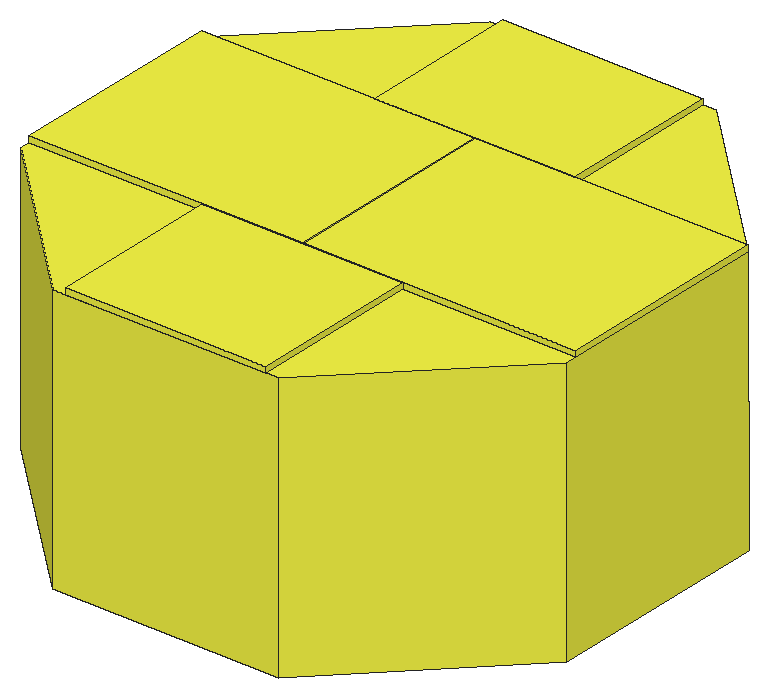
Revit family "Elet_Cx_Teto_4x4", category Electrical Fixtures, host Ceiling, Revit 2025
Family settings
  Host = Ceiling
  Round Connector Dimension = Use Radius
  Part Type = Normal
  OmniClass Number = 23.75.00.00
  OmniClass Title = Climate Control (HVAC)
  Always vertical = Yes
  Cut with Voids When Loaded = No
  Maintain Annotation Orientation = No
  Shared = No
  Room Calculation Point = No
Parameters (values of type "Tipo 1")
  Default Elevation = 0.000 m
Reference planes (m)
  plane 1 "Centro (Frente/Trás)": y = 0
  plane 2: z = 0
  plane 3 "Centro (Esquerda/Direita)": x = 0
  plane 4 "Forro": z = 4
Forms (m)
  Extrusion 1, solid, material "PVC elétricas caixas"
    sketch origin (0, 0, 4) x (0, 1, 0) y (-1, 0, 0)
      loop
        line (-0.021042, -0.0508) -> (0.021042, -0.0508) -> (0.0508, -0.021042) -> (0.0508, 0.021042) -> (0.021042, 0.0508) -> (-0.021042, 0.0508) -> (-0.0508, 0.021042) -> (-0.0508, -0.021042) -> (-0.021042, -0.0508)
    from 0 to 0.049835
  Extrusion 2, solid, material "PVC elétricas caixas"
    sketch origin (0, 0, 0) x (1, 0, 0) y (0, 1, 0)
      loop
        line (-0.0508, 0.021042) -> (-0.0508, -0.018958) -> (0, -0.018958) -> (0, 0.021042) -> (-0.0508, 0.021042)
    from 4.049835 to 4.050912
  Extrusion 3, solid, material "PVC elétricas caixas"
    sketch origin (-0.0016, 0, 0) x (-1, 0, 0) y (0, -1, 0)
      loop
        line (-0.0524, -0.021042) -> (-0.0016, -0.021042) -> (-0.0016, 0.018958) -> (-0.0524, 0.018958) -> (-0.0524, -0.021042)
    from 4.049835 to 4.050912
  Extrusion 4, solid, material "PVC elétricas caixas"
    sketch origin (-0.0016, 0.042084, 0) x (-1, 0, 0) y (0, -1, 0)
      loop
        line (-0.020181, 0.021042) -> (-0.020181, -0.008716) -> (0.016981, -0.008716) -> (0.016981, 0.021042) -> (-0.020181, 0.021042)
    from 4.049835 to 4.050912
  Extrusion 5, solid, material "PVC elétricas caixas"
    sketch origin (-0.0016, -0.042084, 0) x (-1, 0, 0) y (0, -1, 0)
      loop
        line (-0.020181, -0.023126) -> (0.016981, -0.023126) -> (0.016981, 0.008716) -> (-0.020181, 0.008716) -> (-0.020181, -0.023126)
    from 4.049835 to 4.050912
Dimensions and locks (m)
  equal spacing: host sketch curve, plane 3 "Centro (Esquerda/Direita)", host sketch curve
  equal spacing: host sketch curve, plane 1 "Centro (Frente/Trás)", host sketch curve
  host sketch curve to host sketch curve = 4.000 m  (x2)
  plane 4 "Forro" to host ceiling = 0.000 m
  locked: Extrusion 1 to Extrusion 1 at 0.049835
  locked: Extrusion 1 to Extrusion 2 at 0.001077
  locked: Extrusion 1 to Extrusion 1 at 0.1016  (x2)
  aligned and locked: Extrusion 2 to Extrusion 1  (x2)
  aligned and locked: Extrusion 1 to Extrusion 3
  aligned and locked: Extrusion 3 to plane 3 "Centro (Esquerda/Direita)"
  aligned and locked: plane 3 "Centro (Esquerda/Direita)" to Extrusion 2
  aligned and locked: Extrusion 1 to Extrusion 4
  aligned and locked: Extrusion 5 to Extrusion 2
  aligned and locked: Extrusion 1 to Extrusion 5
Connectors (m)
  cabletrayconduit at (0, -0.0508, 4.024918), diameter 0.032
    settings: on Extrusion 1, index 1, connector width 0.300 m, connector height 0.300 m, connector angle 0.00°, system type 32, placement type 0, profile type 0, connector reference index -1, is primary connector yes, connector utility param no, connector description "Entrada_01"
  cabletrayconduit at (0.035921, -0.035921, 4.024918), diameter 0.0254
    settings: on Extrusion 1, index 2, connector width 0.300 m, connector height 0.300 m, connector angle 0.00°, system type 32, placement type 0, profile type 0, connector reference index -1, is primary connector no, connector utility param no, connector description "Entrada_02"
  cabletrayconduit at (0.0508, 0, 4.024918), diameter 0.032
    settings: on Extrusion 1, index 3, connector width 0.300 m, connector height 0.300 m, connector angle 0.00°, system type 32, placement type 0, profile type 0, connector reference index -1, is primary connector no, connector utility param no, connector description "Entrada_03"
  cabletrayconduit at (0.035921, 0.035921, 4.024918), diameter 0.0254
    settings: on Extrusion 1, index 4, connector width 0.300 m, connector height 0.300 m, connector angle 0.00°, system type 32, placement type 0, profile type 0, connector reference index -1, is primary connector no, connector utility param no, connector description "Entrada_04"
  cabletrayconduit at (0, 0.0508, 4.024918), diameter 0.032
    settings: on Extrusion 1, index 5, connector width 0.300 m, connector height 0.300 m, connector angle 0.00°, system type 32, placement type 0, profile type 0, connector reference index -1, is primary connector no, connector utility param no, connector description "Entrada_05"
  cabletrayconduit at (-0.035921, 0.035921, 4.024918), diameter 0.0254
    settings: on Extrusion 1, index 6, connector width 0.300 m, connector height 0.300 m, connector angle 0.00°, system type 32, placement type 0, profile type 0, connector reference index -1, is primary connector no, connector utility param no, connector description "Entrada_06"
  cabletrayconduit at (-0.0508, 0, 4.024918), diameter 0.032
    settings: on Extrusion 1, index 7, connector width 0.300 m, connector height 0.300 m, connector angle 0.00°, system type 32, placement type 0, profile type 0, connector reference index -1, is primary connector no, connector utility param no, connector description "Entrada_07"
  cabletrayconduit at (-0.035921, -0.035921, 4.024918), diameter 0.0254
    settings: on Extrusion 1, index 8, connector width 0.300 m, connector height 0.300 m, connector angle 0.00°, system type 32, placement type 0, profile type 0, connector reference index -1, is primary connector no, connector utility param no, connector description "Entrada_08"
  cabletrayconduit at (0, 0.035921, 4.050912), diameter 0.0254
    settings: on Extrusion 4, index 9, connector width 0.300 m, connector height 0.300 m, connector angle 0.00°, system type 32, placement type 0, profile type 0, connector reference index -1, is primary connector no, connector utility param no, connector description "Entrara_Topo_02_25"
  cabletrayconduit at (0, -0.034879, 4.050912), diameter 0.0254
    settings: on Extrusion 5, index 10, connector width 0.300 m, connector height 0.300 m, connector angle 0.00°, system type 32, placement type 0, profile type 0, connector reference index -1, is primary connector no, connector utility param no, connector description "Entrara_Topo_04_25"
  cabletrayconduit at (0.0254, 0.001042, 4.050912), diameter 0.032
    settings: on Extrusion 3, index 11, connector width 0.300 m, connector height 0.300 m, connector angle 0.00°, system type 32, placement type 0, profile type 0, connector reference index -1, is primary connector no, connector utility param no, connector description "Entrara_Topo_01_32"
  cabletrayconduit at (-0.0254, 0.001042, 4.050912), diameter 0.032
    settings: on Extrusion 2, index 12, connector width 0.300 m, connector height 0.300 m, connector angle 0.00°, system type 32, placement type 0, profile type 0, connector reference index -1, is primary connector no, connector utility param no, connector description "Entrara_Topo_03_32"
